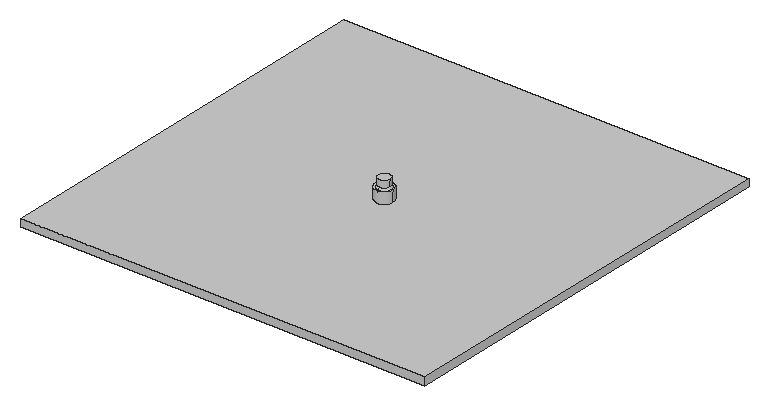
Revit family "SG0086523061CW", category Aparatos sanitarios, Revit 2019 (continued)
Automatic sketch dimensions
  Extrusion 1713 sketch curve to plane 7 = 100.0 mm
  plane 3 "Centro (Izquierda/Derecha)" to Extrusion 1714 sketch curve = 75.0 mm
  Extrusion 1714 sketch curve to plane 7 = 100.0 mm
  plane 3 "Centro (Izquierda/Derecha)" to Extrusion 1715 sketch curve = 75.0 mm
  Extrusion 1715 sketch curve to plane 7 = 100.0 mm
  plane 3 "Centro (Izquierda/Derecha)" to Extrusion 1716 sketch curve = 100.0 mm
  Extrusion 1716 sketch curve to plane 7 = 100.0 mm
  plane 3 "Centro (Izquierda/Derecha)" to Extrusion 1717 sketch curve = 100.0 mm
  Extrusion 1717 sketch curve to plane 7 = 100.0 mm
  plane 3 "Centro (Izquierda/Derecha)" to Extrusion 1718 sketch curve = 125.0 mm
  Extrusion 1718 sketch curve to plane 7 = 100.0 mm
  plane 3 "Centro (Izquierda/Derecha)" to Extrusion 1719 sketch curve = 125.0 mm
  Extrusion 1719 sketch curve to plane 7 = 100.0 mm
  plane 3 "Centro (Izquierda/Derecha)" to Extrusion 1720 sketch curve = 150.0 mm
  Extrusion 1720 sketch curve to plane 7 = 100.0 mm
  plane 3 "Centro (Izquierda/Derecha)" to Extrusion 1721 sketch curve = 150.0 mm
  Extrusion 1721 sketch curve to plane 7 = 100.0 mm
  plane 3 "Centro (Izquierda/Derecha)" to Extrusion 1722 sketch curve = 175.0 mm
  Extrusion 1722 sketch curve to plane 7 = 100.0 mm
  plane 3 "Centro (Izquierda/Derecha)" to Extrusion 1723 sketch curve = 175.0 mm
  Extrusion 1723 sketch curve to plane 7 = 100.0 mm
  plane 3 "Centro (Izquierda/Derecha)" to Extrusion 1724 sketch curve = 200.0 mm
  Extrusion 1724 sketch curve to plane 7 = 100.0 mm
  plane 3 "Centro (Izquierda/Derecha)" to Extrusion 1725 sketch curve = 200.0 mm
  Extrusion 1725 sketch curve to plane 7 = 100.0 mm
  plane 5 to Extrusion 1726 sketch curve = 175.0 mm
  Extrusion 1726 sketch curve to plane 7 = 100.0 mm
  plane 5 to Extrusion 1727 sketch curve = 175.0 mm
  Extrusion 1727 sketch curve to plane 7 = 100.0 mm
  plane 5 to Extrusion 1728 sketch curve = 150.0 mm
  Extrusion 1728 sketch curve to plane 7 = 100.0 mm
  plane 5 to Extrusion 1729 sketch curve = 150.0 mm
  Extrusion 1729 sketch curve to plane 7 = 100.0 mm
  plane 5 to Extrusion 1730 sketch curve = 125.0 mm
  Extrusion 1730 sketch curve to plane 7 = 100.0 mm
  plane 5 to Extrusion 1731 sketch curve = 125.0 mm
  Extrusion 1731 sketch curve to plane 7 = 100.0 mm
  plane 5 to Extrusion 1732 sketch curve = 100.0 mm
  Extrusion 1732 sketch curve to plane 7 = 100.0 mm
  plane 5 to Extrusion 1733 sketch curve = 100.0 mm
  Extrusion 1733 sketch curve to plane 7 = 100.0 mm
  plane 5 to Extrusion 1734 sketch curve = 75.0 mm
  Extrusion 1734 sketch curve to plane 7 = 100.0 mm
  plane 5 to Extrusion 1735 sketch curve = 75.0 mm
  Extrusion 1735 sketch curve to plane 7 = 100.0 mm
  plane 5 to Extrusion 1736 sketch curve = 50.0 mm
  Extrusion 1736 sketch curve to plane 7 = 100.0 mm
  plane 5 to Extrusion 1737 sketch curve = 50.0 mm
  Extrusion 1737 sketch curve to plane 7 = 100.0 mm
  plane 5 to Extrusion 1738 sketch curve = 25.0 mm
  Extrusion 1738 sketch curve to plane 7 = 100.0 mm
  plane 5 to Extrusion 1739 sketch curve = 25.0 mm
  Extrusion 1739 sketch curve to plane 7 = 100.0 mm
  Extrusion 1740 sketch curve to plane 4 = 25.0 mm
  Extrusion 1740 sketch curve to plane 7 = 75.0 mm
  Extrusion 1741 sketch curve to plane 4 = 25.0 mm
  Extrusion 1741 sketch curve to plane 7 = 75.0 mm
  Extrusion 1742 sketch curve to plane 4 = 50.0 mm
  Extrusion 1742 sketch curve to plane 7 = 75.0 mm
  Extrusion 1743 sketch curve to plane 4 = 50.0 mm
  Extrusion 1743 sketch curve to plane 7 = 75.0 mm
  Extrusion 1744 sketch curve to plane 4 = 75.0 mm
  Extrusion 1744 sketch curve to plane 7 = 75.0 mm
  Extrusion 1745 sketch curve to plane 4 = 75.0 mm
  Extrusion 1745 sketch curve to plane 7 = 75.0 mm
  Extrusion 1746 sketch curve to plane 4 = 100.0 mm
  Extrusion 1746 sketch curve to plane 7 = 75.0 mm
  Extrusion 1747 sketch curve to plane 4 = 100.0 mm
  Extrusion 1747 sketch curve to plane 7 = 75.0 mm
  Extrusion 1748 sketch curve to plane 4 = 125.0 mm
  Extrusion 1748 sketch curve to plane 7 = 75.0 mm
  Extrusion 1749 sketch curve to plane 4 = 125.0 mm
  Extrusion 1749 sketch curve to plane 7 = 75.0 mm
  Extrusion 1750 sketch curve to plane 4 = 150.0 mm
  Extrusion 1750 sketch curve to plane 7 = 75.0 mm
  Extrusion 1751 sketch curve to plane 4 = 150.0 mm
  Extrusion 1751 sketch curve to plane 7 = 75.0 mm
  Extrusion 1752 sketch curve to plane 7 = 75.0 mm
  Extrusion 1752 sketch curve to plane 4 = 175.0 mm
  Extrusion 1753 sketch curve to plane 7 = 75.0 mm
  Extrusion 1753 sketch curve to plane 4 = 175.0 mm
  Extrusion 1754 sketch curve to plane 7 = 75.0 mm
  Extrusion 1754 sketch curve to plane 3 "Centro (Izquierda/Derecha)" = 200.0 mm
  Extrusion 1755 sketch curve to plane 7 = 75.0 mm
  Extrusion 1755 sketch curve to plane 3 "Centro (Izquierda/Derecha)" = 200.0 mm
  Extrusion 1756 sketch curve to plane 7 = 75.0 mm
  Extrusion 1756 sketch curve to plane 3 "Centro (Izquierda/Derecha)" = 175.0 mm
  Extrusion 1757 sketch curve to plane 7 = 75.0 mm
  Extrusion 1757 sketch curve to plane 3 "Centro (Izquierda/Derecha)" = 175.0 mm
  Extrusion 1758 sketch curve to plane 3 "Centro (Izquierda/Derecha)" = 150.0 mm
  Extrusion 1758 sketch curve to plane 7 = 75.0 mm
  Extrusion 1759 sketch curve to plane 3 "Centro (Izquierda/Derecha)" = 150.0 mm
  Extrusion 1759 sketch curve to plane 7 = 75.0 mm
  Extrusion 1760 sketch curve to plane 3 "Centro (Izquierda/Derecha)" = 125.0 mm
  Extrusion 1760 sketch curve to plane 7 = 75.0 mm
  Extrusion 1761 sketch curve to plane 3 "Centro (Izquierda/Derecha)" = 125.0 mm
  Extrusion 1761 sketch curve to plane 7 = 75.0 mm
  Extrusion 1762 sketch curve to plane 3 "Centro (Izquierda/Derecha)" = 100.0 mm
  Extrusion 1762 sketch curve to plane 7 = 75.0 mm
  Extrusion 1763 sketch curve to plane 3 "Centro (Izquierda/Derecha)" = 100.0 mm
  Extrusion 1763 sketch curve to plane 7 = 75.0 mm
  Extrusion 1764 sketch curve to plane 3 "Centro (Izquierda/Derecha)" = 75.0 mm
  Extrusion 1764 sketch curve to plane 7 = 75.0 mm
  Extrusion 1765 sketch curve to plane 3 "Centro (Izquierda/Derecha)" = 75.0 mm
  Extrusion 1765 sketch curve to plane 7 = 75.0 mm
  Extrusion 1766 sketch curve to plane 3 "Centro (Izquierda/Derecha)" = 50.0 mm
  Extrusion 1766 sketch curve to plane 7 = 75.0 mm
  Extrusion 1767 sketch curve to plane 3 "Centro (Izquierda/Derecha)" = 50.0 mm
  Extrusion 1767 sketch curve to plane 7 = 75.0 mm
  Extrusion 1768 sketch curve to plane 3 "Centro (Izquierda/Derecha)" = 25.0 mm
  Extrusion 1768 sketch curve to plane 7 = 75.0 mm
  Extrusion 1769 sketch curve to plane 3 "Centro (Izquierda/Derecha)" = 25.0 mm
  Extrusion 1769 sketch curve to plane 7 = 75.0 mm
  Extrusion 1770 sketch curve to plane 3 "Centro (Izquierda/Derecha)" = 0.0 mm
  Extrusion 1770 sketch curve to plane 7 = 75.0 mm
  Extrusion 1771 sketch curve to plane 3 "Centro (Izquierda/Derecha)" = 0.0 mm
  Extrusion 1771 sketch curve to plane 7 = 75.0 mm
  plane 3 "Centro (Izquierda/Derecha)" to Extrusion 1772 sketch curve = 25.0 mm
  Extrusion 1772 sketch curve to plane 7 = 75.0 mm
  plane 3 "Centro (Izquierda/Derecha)" to Extrusion 1773 sketch curve = 25.0 mm
  Extrusion 1773 sketch curve to plane 7 = 75.0 mm
  plane 3 "Centro (Izquierda/Derecha)" to Extrusion 1774 sketch curve = 50.0 mm
  Extrusion 1774 sketch curve to plane 7 = 75.0 mm
  plane 3 "Centro (Izquierda/Derecha)" to Extrusion 1775 sketch curve = 50.0 mm
  Extrusion 1775 sketch curve to plane 7 = 75.0 mm
  plane 3 "Centro (Izquierda/Derecha)" to Extrusion 1776 sketch curve = 75.0 mm
  Extrusion 1776 sketch curve to plane 7 = 75.0 mm
  plane 3 "Centro (Izquierda/Derecha)" to Extrusion 1777 sketch curve = 75.0 mm
  Extrusion 1777 sketch curve to plane 7 = 75.0 mm
  plane 3 "Centro (Izquierda/Derecha)" to Extrusion 1778 sketch curve = 100.0 mm
  Extrusion 1778 sketch curve to plane 7 = 75.0 mm
  plane 3 "Centro (Izquierda/Derecha)" to Extrusion 1779 sketch curve = 100.0 mm
  Extrusion 1779 sketch curve to plane 7 = 75.0 mm
  plane 3 "Centro (Izquierda/Derecha)" to Extrusion 1780 sketch curve = 125.0 mm
  Extrusion 1780 sketch curve to plane 7 = 75.0 mm
  plane 3 "Centro (Izquierda/Derecha)" to Extrusion 1781 sketch curve = 125.0 mm
  Extrusion 1781 sketch curve to plane 7 = 75.0 mm
  plane 3 "Centro (Izquierda/Derecha)" to Extrusion 1782 sketch curve = 150.0 mm
  Extrusion 1782 sketch curve to plane 7 = 75.0 mm
  plane 3 "Centro (Izquierda/Derecha)" to Extrusion 1783 sketch curve = 150.0 mm
  Extrusion 1783 sketch curve to plane 7 = 75.0 mm
  Extrusion 1784 sketch curve to plane 7 = 75.0 mm
  plane 3 "Centro (Izquierda/Derecha)" to Extrusion 1784 sketch curve = 175.0 mm
  Extrusion 1785 sketch curve to plane 7 = 75.0 mm
  plane 3 "Centro (Izquierda/Derecha)" to Extrusion 1785 sketch curve = 175.0 mm
  Extrusion 1786 sketch curve to plane 7 = 75.0 mm
  plane 3 "Centro (Izquierda/Derecha)" to Extrusion 1786 sketch curve = 200.0 mm
  Extrusion 1787 sketch curve to plane 7 = 75.0 mm
  plane 3 "Centro (Izquierda/Derecha)" to Extrusion 1787 sketch curve = 200.0 mm
  Extrusion 1788 sketch curve to plane 7 = 75.0 mm
  plane 5 to Extrusion 1788 sketch curve = 175.0 mm
  Extrusion 1789 sketch curve to plane 7 = 75.0 mm
  plane 5 to Extrusion 1789 sketch curve = 175.0 mm
  plane 5 to Extrusion 1790 sketch curve = 150.0 mm
  Extrusion 1790 sketch curve to plane 7 = 75.0 mm
  plane 5 to Extrusion 1791 sketch curve = 150.0 mm
  Extrusion 1791 sketch curve to plane 7 = 75.0 mm
  plane 5 to Extrusion 1792 sketch curve = 125.0 mm
  Extrusion 1792 sketch curve to plane 7 = 75.0 mm
  plane 5 to Extrusion 1793 sketch curve = 125.0 mm
  Extrusion 1793 sketch curve to plane 7 = 75.0 mm
  plane 5 to Extrusion 1794 sketch curve = 100.0 mm
  Extrusion 1794 sketch curve to plane 7 = 75.0 mm
  plane 5 to Extrusion 1795 sketch curve = 100.0 mm
  Extrusion 1795 sketch curve to plane 7 = 75.0 mm
  plane 5 to Extrusion 1796 sketch curve = 75.0 mm
  Extrusion 1796 sketch curve to plane 7 = 75.0 mm
  plane 5 to Extrusion 1797 sketch curve = 75.0 mm
  Extrusion 1797 sketch curve to plane 7 = 75.0 mm
  plane 5 to Extrusion 1798 sketch curve = 50.0 mm
  Extrusion 1798 sketch curve to plane 7 = 75.0 mm
  plane 5 to Extrusion 1799 sketch curve = 50.0 mm
  Extrusion 1799 sketch curve to plane 7 = 75.0 mm
  plane 5 to Extrusion 1800 sketch curve = 25.0 mm
  Extrusion 1800 sketch curve to plane 7 = 75.0 mm
  plane 5 to Extrusion 1801 sketch curve = 25.0 mm
  Extrusion 1801 sketch curve to plane 7 = 75.0 mm
  Extrusion 1802 sketch curve to plane 4 = 25.0 mm
  Extrusion 1802 sketch curve to plane 7 = 50.0 mm
  Extrusion 1803 sketch curve to plane 4 = 25.0 mm
  Extrusion 1803 sketch curve to plane 7 = 50.0 mm
  Extrusion 1804 sketch curve to plane 4 = 50.0 mm
  Extrusion 1804 sketch curve to plane 7 = 50.0 mm
  Extrusion 1805 sketch curve to plane 4 = 50.0 mm
  Extrusion 1805 sketch curve to plane 7 = 50.0 mm
  Extrusion 1806 sketch curve to plane 4 = 75.0 mm
  Extrusion 1806 sketch curve to plane 7 = 50.0 mm
  Extrusion 1807 sketch curve to plane 4 = 75.0 mm
  Extrusion 1807 sketch curve to plane 7 = 50.0 mm
  Extrusion 1808 sketch curve to plane 4 = 100.0 mm
  Extrusion 1808 sketch curve to plane 7 = 50.0 mm
  Extrusion 1809 sketch curve to plane 4 = 100.0 mm
  Extrusion 1809 sketch curve to plane 7 = 50.0 mm
  Extrusion 1810 sketch curve to plane 7 = 50.0 mm
  Extrusion 1810 sketch curve to plane 4 = 125.0 mm
  Extrusion 1811 sketch curve to plane 7 = 50.0 mm
  Extrusion 1811 sketch curve to plane 4 = 125.0 mm
  Extrusion 1812 sketch curve to plane 7 = 50.0 mm
  Extrusion 1812 sketch curve to plane 4 = 150.0 mm
  Extrusion 1813 sketch curve to plane 7 = 50.0 mm
  Extrusion 1813 sketch curve to plane 4 = 150.0 mm
  Extrusion 1814 sketch curve to plane 7 = 50.0 mm
  Extrusion 1814 sketch curve to plane 4 = 175.0 mm
  Extrusion 1815 sketch curve to plane 7 = 50.0 mm
  Extrusion 1815 sketch curve to plane 4 = 175.0 mm
  Extrusion 1816 sketch curve to plane 7 = 50.0 mm
  Extrusion 1816 sketch curve to plane 3 "Centro (Izquierda/Derecha)" = 200.0 mm
  Extrusion 1817 sketch curve to plane 7 = 50.0 mm
  Extrusion 1817 sketch curve to plane 3 "Centro (Izquierda/Derecha)" = 200.0 mm
  Extrusion 1818 sketch curve to plane 7 = 50.0 mm
  Extrusion 1818 sketch curve to plane 3 "Centro (Izquierda/Derecha)" = 175.0 mm
  Extrusion 1819 sketch curve to plane 7 = 50.0 mm
  Extrusion 1819 sketch curve to plane 3 "Centro (Izquierda/Derecha)" = 175.0 mm
  Extrusion 1820 sketch curve to plane 7 = 50.0 mm
  Extrusion 1820 sketch curve to plane 3 "Centro (Izquierda/Derecha)" = 150.0 mm
  Extrusion 1821 sketch curve to plane 7 = 50.0 mm
  Extrusion 1821 sketch curve to plane 3 "Centro (Izquierda/Derecha)" = 150.0 mm
  Extrusion 1822 sketch curve to plane 7 = 50.0 mm
  Extrusion 1822 sketch curve to plane 3 "Centro (Izquierda/Derecha)" = 125.0 mm
  Extrusion 1823 sketch curve to plane 7 = 50.0 mm
  Extrusion 1823 sketch curve to plane 3 "Centro (Izquierda/Derecha)" = 125.0 mm
  Extrusion 1824 sketch curve to plane 3 "Centro (Izquierda/Derecha)" = 100.0 mm
  Extrusion 1824 sketch curve to plane 7 = 50.0 mm
  Extrusion 1825 sketch curve to plane 3 "Centro (Izquierda/Derecha)" = 100.0 mm
  Extrusion 1825 sketch curve to plane 7 = 50.0 mm
  Extrusion 1826 sketch curve to plane 3 "Centro (Izquierda/Derecha)" = 75.0 mm
  Extrusion 1826 sketch curve to plane 7 = 50.0 mm
  Extrusion 1827 sketch curve to plane 3 "Centro (Izquierda/Derecha)" = 75.0 mm
  Extrusion 1827 sketch curve to plane 7 = 50.0 mm
  Extrusion 1828 sketch curve to plane 3 "Centro (Izquierda/Derecha)" = 50.0 mm
  Extrusion 1828 sketch curve to plane 7 = 50.0 mm
  Extrusion 1829 sketch curve to plane 3 "Centro (Izquierda/Derecha)" = 50.0 mm
  Extrusion 1829 sketch curve to plane 7 = 50.0 mm
  Extrusion 1830 sketch curve to plane 3 "Centro (Izquierda/Derecha)" = 25.0 mm
  Extrusion 1830 sketch curve to plane 7 = 50.0 mm
  Extrusion 1831 sketch curve to plane 3 "Centro (Izquierda/Derecha)" = 25.0 mm
  Extrusion 1831 sketch curve to plane 7 = 50.0 mm
  Extrusion 1832 sketch curve to plane 3 "Centro (Izquierda/Derecha)" = 0.0 mm
  Extrusion 1832 sketch curve to plane 7 = 50.0 mm
  Extrusion 1833 sketch curve to plane 3 "Centro (Izquierda/Derecha)" = 0.0 mm
  Extrusion 1833 sketch curve to plane 7 = 50.0 mm
  plane 3 "Centro (Izquierda/Derecha)" to Extrusion 1834 sketch curve = 25.0 mm
  Extrusion 1834 sketch curve to plane 7 = 50.0 mm
  plane 3 "Centro (Izquierda/Derecha)" to Extrusion 1835 sketch curve = 25.0 mm
  Extrusion 1835 sketch curve to plane 7 = 50.0 mm
  plane 3 "Centro (Izquierda/Derecha)" to Extrusion 1836 sketch curve = 50.0 mm
  Extrusion 1836 sketch curve to plane 7 = 50.0 mm
  plane 3 "Centro (Izquierda/Derecha)" to Extrusion 1837 sketch curve = 50.0 mm
  Extrusion 1837 sketch curve to plane 7 = 50.0 mm
  plane 3 "Centro (Izquierda/Derecha)" to Extrusion 1838 sketch curve = 75.0 mm
  Extrusion 1838 sketch curve to plane 7 = 50.0 mm
  plane 3 "Centro (Izquierda/Derecha)" to Extrusion 1839 sketch curve = 75.0 mm
  Extrusion 1839 sketch curve to plane 7 = 50.0 mm
  plane 3 "Centro (Izquierda/Derecha)" to Extrusion 1840 sketch curve = 100.0 mm
  Extrusion 1840 sketch curve to plane 7 = 50.0 mm
  plane 3 "Centro (Izquierda/Derecha)" to Extrusion 1841 sketch curve = 100.0 mm
  Extrusion 1841 sketch curve to plane 7 = 50.0 mm
  Extrusion 1842 sketch curve to plane 7 = 50.0 mm
  plane 3 "Centro (Izquierda/Derecha)" to Extrusion 1842 sketch curve = 125.0 mm
  Extrusion 1843 sketch curve to plane 7 = 50.0 mm
  plane 3 "Centro (Izquierda/Derecha)" to Extrusion 1843 sketch curve = 125.0 mm
  Extrusion 1844 sketch curve to plane 7 = 50.0 mm
  plane 3 "Centro (Izquierda/Derecha)" to Extrusion 1844 sketch curve = 150.0 mm
  Extrusion 1845 sketch curve to plane 7 = 50.0 mm
  plane 3 "Centro (Izquierda/Derecha)" to Extrusion 1845 sketch curve = 150.0 mm
  Extrusion 1846 sketch curve to plane 7 = 50.0 mm
  plane 3 "Centro (Izquierda/Derecha)" to Extrusion 1846 sketch curve = 175.0 mm
  Extrusion 1847 sketch curve to plane 7 = 50.0 mm
  plane 3 "Centro (Izquierda/Derecha)" to Extrusion 1847 sketch curve = 175.0 mm
  Extrusion 1848 sketch curve to plane 7 = 50.0 mm
  plane 3 "Centro (Izquierda/Derecha)" to Extrusion 1848 sketch curve = 200.0 mm
  Extrusion 1849 sketch curve to plane 7 = 50.0 mm
  plane 3 "Centro (Izquierda/Derecha)" to Extrusion 1849 sketch curve = 200.0 mm
  Extrusion 1850 sketch curve to plane 7 = 50.0 mm
  plane 5 to Extrusion 1850 sketch curve = 175.0 mm
  Extrusion 1851 sketch curve to plane 7 = 50.0 mm
  plane 5 to Extrusion 1851 sketch curve = 175.0 mm
  Extrusion 1852 sketch curve to plane 7 = 50.0 mm
  plane 5 to Extrusion 1852 sketch curve = 150.0 mm
  Extrusion 1853 sketch curve to plane 7 = 50.0 mm
  plane 5 to Extrusion 1853 sketch curve = 150.0 mm
  Extrusion 1854 sketch curve to plane 7 = 50.0 mm
  plane 5 to Extrusion 1854 sketch curve = 125.0 mm
  Extrusion 1855 sketch curve to plane 7 = 50.0 mm
  plane 5 to Extrusion 1855 sketch curve = 125.0 mm
  plane 5 to Extrusion 1856 sketch curve = 100.0 mm
  Extrusion 1856 sketch curve to plane 7 = 50.0 mm
  plane 5 to Extrusion 1857 sketch curve = 100.0 mm
  Extrusion 1857 sketch curve to plane 7 = 50.0 mm
  plane 5 to Extrusion 1858 sketch curve = 75.0 mm
  Extrusion 1858 sketch curve to plane 7 = 50.0 mm
  plane 5 to Extrusion 1859 sketch curve = 75.0 mm
  Extrusion 1859 sketch curve to plane 7 = 50.0 mm
  plane 5 to Extrusion 1860 sketch curve = 50.0 mm
  Extrusion 1860 sketch curve to plane 7 = 50.0 mm
  plane 5 to Extrusion 1861 sketch curve = 50.0 mm
  Extrusion 1861 sketch curve to plane 7 = 50.0 mm
  plane 5 to Extrusion 1862 sketch curve = 25.0 mm
  Extrusion 1862 sketch curve to plane 7 = 50.0 mm
  plane 5 to Extrusion 1863 sketch curve = 25.0 mm
  Extrusion 1863 sketch curve to plane 7 = 50.0 mm
  plane 1 "Centro (Frontal/Posterior)" to Extrusion 1864 sketch curve = 0.0 mm
  Extrusion 1864 sketch curve to plane 3 "Centro (Izquierda/Derecha)" = 0.0 mm
  plane 1 "Centro (Frontal/Posterior)" to Extrusion 1865 sketch curve = 0.0 mm
  Extrusion 1865 sketch curve to plane 3 "Centro (Izquierda/Derecha)" = 0.0 mm
  plane 1 "Centro (Frontal/Posterior)" to Extrusion 1866 sketch curve = 0.0 mm
  Extrusion 1866 sketch curve to plane 3 "Centro (Izquierda/Derecha)" = 0.0 mm
  plane 8 to Revolve 1867 sketch curve = 0.0 mm  (x2)
  Revolve 1867 sketch curve to plane 1 "Centro (Frontal/Posterior)" = 0.0 mm  (x2)
  plane 11 to Revolve 1867 sketch curve = 1.417 mm
  plane 1 "Centro (Frontal/Posterior)" to Revolve 1867 sketch curve = 7.7 mm
  Revolve 1867 sketch curve to Revolve 1867 sketch curve = 5.3 mm
  Revolve 1867 sketch curve to Revolve 1867 sketch curve = 0.0 mm
  Extrusion 1868 sketch curve to plane 4 = 25.0 mm
  Extrusion 1868 sketch curve to plane 7 = 25.0 mm
  Extrusion 1869 sketch curve to plane 4 = 25.0 mm
  Extrusion 1869 sketch curve to plane 7 = 25.0 mm
  Extrusion 1870 sketch curve to plane 4 = 50.0 mm
  Extrusion 1870 sketch curve to plane 7 = 25.0 mm
  Extrusion 1871 sketch curve to plane 4 = 50.0 mm
  Extrusion 1871 sketch curve to plane 7 = 25.0 mm
  Extrusion 1872 sketch curve to plane 7 = 25.0 mm
  Extrusion 1872 sketch curve to plane 4 = 75.0 mm
  Extrusion 1873 sketch curve to plane 7 = 25.0 mm
  Extrusion 1873 sketch curve to plane 4 = 75.0 mm
  Extrusion 1874 sketch curve to plane 7 = 25.0 mm
  Extrusion 1874 sketch curve to plane 4 = 100.0 mm
  Extrusion 1875 sketch curve to plane 7 = 25.0 mm
  Extrusion 1875 sketch curve to plane 4 = 100.0 mm
  Extrusion 1876 sketch curve to plane 7 = 25.0 mm
  Extrusion 1876 sketch curve to plane 4 = 125.0 mm
  Extrusion 1877 sketch curve to plane 7 = 25.0 mm
  Extrusion 1877 sketch curve to plane 4 = 125.0 mm
  Extrusion 1878 sketch curve to plane 7 = 25.0 mm
  Extrusion 1878 sketch curve to plane 4 = 150.0 mm
  Extrusion 1879 sketch curve to plane 7 = 25.0 mm
  Extrusion 1879 sketch curve to plane 4 = 150.0 mm
  Extrusion 1880 sketch curve to plane 7 = 25.0 mm
  Extrusion 1880 sketch curve to plane 4 = 175.0 mm
  Extrusion 1881 sketch curve to plane 7 = 25.0 mm
  Extrusion 1881 sketch curve to plane 4 = 175.0 mm
  Extrusion 1882 sketch curve to plane 7 = 25.0 mm
  Extrusion 1882 sketch curve to plane 3 "Centro (Izquierda/Derecha)" = 200.0 mm
  Extrusion 1883 sketch curve to plane 7 = 25.0 mm
  Extrusion 1883 sketch curve to plane 3 "Centro (Izquierda/Derecha)" = 200.0 mm
  Extrusion 1884 sketch curve to plane 7 = 25.0 mm
  Extrusion 1884 sketch curve to plane 3 "Centro (Izquierda/Derecha)" = 175.0 mm
  Extrusion 1885 sketch curve to plane 7 = 25.0 mm
  Extrusion 1885 sketch curve to plane 3 "Centro (Izquierda/Derecha)" = 175.0 mm
  Extrusion 1886 sketch curve to plane 7 = 25.0 mm
  Extrusion 1886 sketch curve to plane 3 "Centro (Izquierda/Derecha)" = 150.0 mm
  Extrusion 1887 sketch curve to plane 7 = 25.0 mm
  Extrusion 1887 sketch curve to plane 3 "Centro (Izquierda/Derecha)" = 150.0 mm
  Extrusion 1888 sketch curve to plane 7 = 25.0 mm
  Extrusion 1888 sketch curve to plane 3 "Centro (Izquierda/Derecha)" = 125.0 mm
  Extrusion 1889 sketch curve to plane 7 = 25.0 mm
  Extrusion 1889 sketch curve to plane 3 "Centro (Izquierda/Derecha)" = 125.0 mm
  Extrusion 1890 sketch curve to plane 7 = 25.0 mm
  Extrusion 1890 sketch curve to plane 3 "Centro (Izquierda/Derecha)" = 100.0 mm
  Extrusion 1891 sketch curve to plane 7 = 25.0 mm
  Extrusion 1891 sketch curve to plane 3 "Centro (Izquierda/Derecha)" = 100.0 mm
  Extrusion 1892 sketch curve to plane 7 = 25.0 mm
  Extrusion 1892 sketch curve to plane 3 "Centro (Izquierda/Derecha)" = 75.0 mm
  Extrusion 1893 sketch curve to plane 7 = 25.0 mm
  Extrusion 1893 sketch curve to plane 3 "Centro (Izquierda/Derecha)" = 75.0 mm
  Extrusion 1894 sketch curve to plane 3 "Centro (Izquierda/Derecha)" = 50.0 mm
  Extrusion 1894 sketch curve to plane 7 = 25.0 mm
  Extrusion 1895 sketch curve to plane 3 "Centro (Izquierda/Derecha)" = 50.0 mm
  Extrusion 1895 sketch curve to plane 7 = 25.0 mm
  Extrusion 1896 sketch curve to plane 3 "Centro (Izquierda/Derecha)" = 25.0 mm
  Extrusion 1896 sketch curve to plane 7 = 25.0 mm
  Extrusion 1897 sketch curve to plane 3 "Centro (Izquierda/Derecha)" = 25.0 mm
  Extrusion 1897 sketch curve to plane 7 = 25.0 mm
  Extrusion 1898 sketch curve to plane 3 "Centro (Izquierda/Derecha)" = 0.0 mm
  Extrusion 1898 sketch curve to plane 7 = 25.0 mm
  Extrusion 1899 sketch curve to plane 3 "Centro (Izquierda/Derecha)" = 0.0 mm
  Extrusion 1899 sketch curve to plane 7 = 25.0 mm
  plane 3 "Centro (Izquierda/Derecha)" to Extrusion 1900 sketch curve = 25.0 mm
  Extrusion 1900 sketch curve to plane 7 = 25.0 mm
  plane 3 "Centro (Izquierda/Derecha)" to Extrusion 1901 sketch curve = 25.0 mm
  Extrusion 1901 sketch curve to plane 7 = 25.0 mm
  plane 3 "Centro (Izquierda/Derecha)" to Extrusion 1902 sketch curve = 50.0 mm
  Extrusion 1902 sketch curve to plane 7 = 25.0 mm
  plane 3 "Centro (Izquierda/Derecha)" to Extrusion 1903 sketch curve = 50.0 mm
  Extrusion 1903 sketch curve to plane 7 = 25.0 mm
  Extrusion 1904 sketch curve to plane 7 = 25.0 mm
  plane 3 "Centro (Izquierda/Derecha)" to Extrusion 1904 sketch curve = 75.0 mm
  Extrusion 1905 sketch curve to plane 7 = 25.0 mm
  plane 3 "Centro (Izquierda/Derecha)" to Extrusion 1905 sketch curve = 75.0 mm
  Extrusion 1906 sketch curve to plane 7 = 25.0 mm
  plane 3 "Centro (Izquierda/Derecha)" to Extrusion 1906 sketch curve = 100.0 mm
  Extrusion 1907 sketch curve to plane 7 = 25.0 mm
  plane 3 "Centro (Izquierda/Derecha)" to Extrusion 1907 sketch curve = 100.0 mm
  Extrusion 1908 sketch curve to plane 7 = 25.0 mm
  plane 3 "Centro (Izquierda/Derecha)" to Extrusion 1908 sketch curve = 125.0 mm
  Extrusion 1909 sketch curve to plane 7 = 25.0 mm
  plane 3 "Centro (Izquierda/Derecha)" to Extrusion 1909 sketch curve = 125.0 mm
  Extrusion 1910 sketch curve to plane 7 = 25.0 mm
  plane 3 "Centro (Izquierda/Derecha)" to Extrusion 1910 sketch curve = 150.0 mm
  Extrusion 1911 sketch curve to plane 7 = 25.0 mm
  plane 3 "Centro (Izquierda/Derecha)" to Extrusion 1911 sketch curve = 150.0 mm
  Extrusion 1912 sketch curve to plane 7 = 25.0 mm
  plane 3 "Centro (Izquierda/Derecha)" to Extrusion 1912 sketch curve = 175.0 mm
  Extrusion 1913 sketch curve to plane 7 = 25.0 mm
  plane 3 "Centro (Izquierda/Derecha)" to Extrusion 1913 sketch curve = 175.0 mm
  Extrusion 1914 sketch curve to plane 7 = 25.0 mm
  plane 3 "Centro (Izquierda/Derecha)" to Extrusion 1914 sketch curve = 200.0 mm
  Extrusion 1915 sketch curve to plane 7 = 25.0 mm
  plane 3 "Centro (Izquierda/Derecha)" to Extrusion 1915 sketch curve = 200.0 mm
  Extrusion 1916 sketch curve to plane 7 = 25.0 mm
  plane 5 to Extrusion 1916 sketch curve = 175.0 mm
  Extrusion 1917 sketch curve to plane 7 = 25.0 mm
  plane 5 to Extrusion 1917 sketch curve = 175.0 mm
  Extrusion 1918 sketch curve to plane 7 = 25.0 mm
  plane 5 to Extrusion 1918 sketch curve = 150.0 mm
  Extrusion 1919 sketch curve to plane 7 = 25.0 mm
  plane 5 to Extrusion 1919 sketch curve = 150.0 mm
  Extrusion 1920 sketch curve to plane 7 = 25.0 mm
  plane 5 to Extrusion 1920 sketch curve = 125.0 mm
  Extrusion 1921 sketch curve to plane 7 = 25.0 mm
  plane 5 to Extrusion 1921 sketch curve = 125.0 mm
  Extrusion 1922 sketch curve to plane 7 = 25.0 mm
  plane 5 to Extrusion 1922 sketch curve = 100.0 mm
  Extrusion 1923 sketch curve to plane 7 = 25.0 mm
  plane 5 to Extrusion 1923 sketch curve = 100.0 mm
  Extrusion 1924 sketch curve to plane 7 = 25.0 mm
  plane 5 to Extrusion 1924 sketch curve = 75.0 mm
  Extrusion 1925 sketch curve to plane 7 = 25.0 mm
  plane 5 to Extrusion 1925 sketch curve = 75.0 mm
  plane 5 to Extrusion 1926 sketch curve = 50.0 mm
  Extrusion 1926 sketch curve to plane 7 = 25.0 mm
  plane 5 to Extrusion 1927 sketch curve = 50.0 mm
  Extrusion 1927 sketch curve to plane 7 = 25.0 mm
  plane 5 to Extrusion 1928 sketch curve = 25.0 mm
  Extrusion 1928 sketch curve to plane 7 = 25.0 mm
  plane 5 to Extrusion 1929 sketch curve = 25.0 mm
  Extrusion 1929 sketch curve to plane 7 = 25.0 mm
  radius of Extrusion 64 sketch curve = 1.0 mm
  radius of Extrusion 65 sketch curve = 0.896 mm
  radius of Extrusion 2 sketch curve = 1.0 mm
  radius of Extrusion 3 sketch curve = 0.896 mm
  radius of Extrusion 4 sketch curve = 1.0 mm
  radius of Extrusion 5 sketch curve = 0.896 mm
  radius of Extrusion 6 sketch curve = 1.0 mm
  radius of Extrusion 7 sketch curve = 0.896 mm
  radius of Extrusion 8 sketch curve = 1.0 mm
  radius of Extrusion 9 sketch curve = 0.896 mm
  radius of Extrusion 10 sketch curve = 1.0 mm
  radius of Extrusion 11 sketch curve = 0.896 mm
  radius of Extrusion 12 sketch curve = 1.0 mm
  radius of Extrusion 13 sketch curve = 0.896 mm
  radius of Extrusion 14 sketch curve = 1.0 mm
  radius of Extrusion 15 sketch curve = 0.896 mm
  radius of Extrusion 16 sketch curve = 1.0 mm
  radius of Extrusion 17 sketch curve = 0.896 mm
  radius of Extrusion 18 sketch curve = 1.0 mm
  radius of Extrusion 19 sketch curve = 0.896 mm
  radius of Extrusion 20 sketch curve = 1.0 mm
  radius of Extrusion 21 sketch curve = 0.896 mm
  radius of Extrusion 22 sketch curve = 1.0 mm
  radius of Extrusion 23 sketch curve = 0.896 mm
  radius of Extrusion 24 sketch curve = 1.0 mm
  radius of Extrusion 25 sketch curve = 0.896 mm
  radius of Extrusion 26 sketch curve = 1.0 mm
  radius of Extrusion 27 sketch curve = 0.896 mm
  radius of Extrusion 28 sketch curve = 1.0 mm
  radius of Extrusion 29 sketch curve = 0.896 mm
  radius of Extrusion 30 sketch curve = 1.0 mm
  radius of Extrusion 31 sketch curve = 0.896 mm
  radius of Extrusion 32 sketch curve = 1.0 mm
  radius of Extrusion 33 sketch curve = 0.896 mm
  radius of Extrusion 34 sketch curve = 1.0 mm
  radius of Extrusion 35 sketch curve = 0.896 mm
  radius of Extrusion 36 sketch curve = 1.0 mm
  radius of Extrusion 37 sketch curve = 0.896 mm
  radius of Extrusion 38 sketch curve = 1.0 mm
  radius of Extrusion 39 sketch curve = 0.896 mm
  radius of Extrusion 40 sketch curve = 1.0 mm
  radius of Extrusion 41 sketch curve = 0.896 mm
  radius of Extrusion 42 sketch curve = 1.0 mm
  radius of Extrusion 43 sketch curve = 0.896 mm
  radius of Extrusion 44 sketch curve = 1.0 mm
  radius of Extrusion 45 sketch curve = 0.896 mm
  radius of Extrusion 46 sketch curve = 1.0 mm
  radius of Extrusion 47 sketch curve = 0.896 mm
  radius of Extrusion 48 sketch curve = 1.0 mm
  radius of Extrusion 49 sketch curve = 0.896 mm
  radius of Extrusion 50 sketch curve = 1.0 mm
  radius of Extrusion 51 sketch curve = 0.896 mm
  radius of Extrusion 52 sketch curve = 1.0 mm
  radius of Extrusion 53 sketch curve = 0.896 mm
  radius of Extrusion 54 sketch curve = 1.0 mm
  radius of Extrusion 55 sketch curve = 0.896 mm
  radius of Extrusion 56 sketch curve = 1.0 mm
  radius of Extrusion 57 sketch curve = 0.896 mm
  radius of Extrusion 58 sketch curve = 1.0 mm
  radius of Extrusion 59 sketch curve = 0.896 mm
  radius of Extrusion 60 sketch curve = 1.0 mm
  radius of Extrusion 61 sketch curve = 0.896 mm
  radius of Extrusion 62 sketch curve = 1.0 mm
  radius of Extrusion 63 sketch curve = 0.896 mm
  radius of Extrusion 66 sketch curve = 1.0 mm
  radius of Extrusion 67 sketch curve = 0.896 mm
  radius of Extrusion 68 sketch curve = 1.0 mm
  radius of Extrusion 69 sketch curve = 0.896 mm
  radius of Extrusion 70 sketch curve = 1.0 mm
  radius of Extrusion 71 sketch curve = 0.896 mm
  radius of Extrusion 72 sketch curve = 1.0 mm
  radius of Extrusion 73 sketch curve = 0.896 mm
  radius of Extrusion 74 sketch curve = 1.0 mm
  radius of Extrusion 75 sketch curve = 0.896 mm
  radius of Extrusion 76 sketch curve = 1.0 mm
  radius of Extrusion 77 sketch curve = 0.896 mm
  radius of Extrusion 78 sketch curve = 1.0 mm
  radius of Extrusion 79 sketch curve = 0.896 mm
  radius of Extrusion 80 sketch curve = 1.0 mm
  radius of Extrusion 81 sketch curve = 0.896 mm
  radius of Extrusion 82 sketch curve = 1.0 mm
  radius of Extrusion 83 sketch curve = 0.896 mm
  radius of Extrusion 84 sketch curve = 1.0 mm
  radius of Extrusion 85 sketch curve = 0.896 mm
  radius of Extrusion 86 sketch curve = 1.0 mm
  radius of Extrusion 87 sketch curve = 0.896 mm
  radius of Extrusion 88 sketch curve = 1.0 mm
  radius of Extrusion 89 sketch curve = 0.896 mm
  radius of Extrusion 90 sketch curve = 1.0 mm
  radius of Extrusion 91 sketch curve = 0.896 mm
  radius of Extrusion 92 sketch curve = 1.0 mm
  radius of Extrusion 93 sketch curve = 0.896 mm
  radius of Extrusion 94 sketch curve = 1.0 mm
  radius of Extrusion 95 sketch curve = 0.896 mm
  radius of Extrusion 96 sketch curve = 1.0 mm
  radius of Extrusion 97 sketch curve = 0.896 mm
  radius of Extrusion 98 sketch curve = 1.0 mm
  radius of Extrusion 99 sketch curve = 0.896 mm
  radius of Extrusion 100 sketch curve = 1.0 mm
  radius of Extrusion 101 sketch curve = 0.896 mm
  radius of Extrusion 102 sketch curve = 1.0 mm
  radius of Extrusion 103 sketch curve = 0.896 mm
  radius of Extrusion 104 sketch curve = 1.0 mm
  radius of Extrusion 105 sketch curve = 0.896 mm
  radius of Extrusion 106 sketch curve = 1.0 mm
  radius of Extrusion 107 sketch curve = 0.896 mm
  radius of Extrusion 108 sketch curve = 1.0 mm
  radius of Extrusion 109 sketch curve = 0.896 mm
  radius of Extrusion 110 sketch curve = 1.0 mm
  radius of Extrusion 111 sketch curve = 0.896 mm
  radius of Extrusion 112 sketch curve = 1.0 mm
  radius of Extrusion 113 sketch curve = 0.896 mm
  radius of Extrusion 114 sketch curve = 1.0 mm
  radius of Extrusion 115 sketch curve = 0.896 mm
  radius of Extrusion 116 sketch curve = 1.0 mm
  radius of Extrusion 117 sketch curve = 0.896 mm
  radius of Extrusion 118 sketch curve = 1.0 mm
  radius of Extrusion 119 sketch curve = 0.896 mm
  radius of Extrusion 120 sketch curve = 1.0 mm
  radius of Extrusion 121 sketch curve = 0.896 mm
  radius of Extrusion 122 sketch curve = 1.0 mm
  radius of Extrusion 123 sketch curve = 0.896 mm
  radius of Extrusion 124 sketch curve = 1.0 mm
  radius of Extrusion 125 sketch curve = 0.896 mm
  radius of Extrusion 126 sketch curve = 1.0 mm
  radius of Extrusion 127 sketch curve = 0.896 mm
  radius of Extrusion 128 sketch curve = 1.0 mm
  radius of Extrusion 129 sketch curve = 0.896 mm
  radius of Extrusion 130 sketch curve = 1.0 mm
  radius of Extrusion 131 sketch curve = 0.896 mm
  radius of Extrusion 132 sketch curve = 1.0 mm
  radius of Extrusion 133 sketch curve = 0.896 mm
  radius of Extrusion 134 sketch curve = 1.0 mm
  radius of Extrusion 135 sketch curve = 0.896 mm
  radius of Extrusion 136 sketch curve = 1.0 mm
  radius of Extrusion 137 sketch curve = 0.896 mm
  radius of Extrusion 138 sketch curve = 1.0 mm
  radius of Extrusion 139 sketch curve = 0.896 mm
  radius of Extrusion 140 sketch curve = 1.0 mm
  radius of Extrusion 141 sketch curve = 0.896 mm
  radius of Extrusion 142 sketch curve = 1.0 mm
  radius of Extrusion 143 sketch curve = 0.896 mm
  radius of Extrusion 144 sketch curve = 1.0 mm
  radius of Extrusion 145 sketch curve = 0.896 mm
  radius of Extrusion 146 sketch curve = 1.0 mm
  radius of Extrusion 147 sketch curve = 0.896 mm
  radius of Extrusion 148 sketch curve = 1.0 mm
  radius of Extrusion 149 sketch curve = 0.896 mm
  radius of Extrusion 150 sketch curve = 1.0 mm
  radius of Extrusion 151 sketch curve = 0.896 mm
  radius of Extrusion 152 sketch curve = 1.0 mm
  radius of Extrusion 153 sketch curve = 0.896 mm
  radius of Extrusion 154 sketch curve = 1.0 mm
  radius of Extrusion 155 sketch curve = 0.896 mm
  radius of Extrusion 156 sketch curve = 1.0 mm
  radius of Extrusion 157 sketch curve = 0.896 mm
  radius of Extrusion 158 sketch curve = 1.0 mm
  radius of Extrusion 159 sketch curve = 0.896 mm
  radius of Extrusion 160 sketch curve = 1.0 mm
  radius of Extrusion 161 sketch curve = 0.896 mm
  radius of Extrusion 162 sketch curve = 1.0 mm
  radius of Extrusion 163 sketch curve = 0.896 mm
  radius of Extrusion 164 sketch curve = 1.0 mm
  radius of Extrusion 165 sketch curve = 0.896 mm
  radius of Extrusion 166 sketch curve = 1.0 mm
  radius of Extrusion 167 sketch curve = 0.896 mm
  radius of Extrusion 168 sketch curve = 1.0 mm
  radius of Extrusion 169 sketch curve = 0.896 mm
  radius of Extrusion 170 sketch curve = 1.0 mm
  radius of Extrusion 171 sketch curve = 0.896 mm
  radius of Extrusion 172 sketch curve = 1.0 mm
  radius of Extrusion 173 sketch curve = 0.896 mm
  radius of Extrusion 174 sketch curve = 1.0 mm
  radius of Extrusion 175 sketch curve = 0.896 mm
  radius of Extrusion 176 sketch curve = 1.0 mm
  radius of Extrusion 177 sketch curve = 0.896 mm
  radius of Extrusion 178 sketch curve = 1.0 mm
  radius of Extrusion 179 sketch curve = 0.896 mm
  radius of Extrusion 180 sketch curve = 1.0 mm
  radius of Extrusion 181 sketch curve = 0.896 mm
  radius of Extrusion 182 sketch curve = 1.0 mm
  radius of Extrusion 183 sketch curve = 0.896 mm
  radius of Extrusion 184 sketch curve = 1.0 mm
  radius of Extrusion 185 sketch curve = 0.896 mm
  radius of Extrusion 186 sketch curve = 1.0 mm
  radius of Extrusion 187 sketch curve = 0.896 mm
  radius of Extrusion 188 sketch curve = 1.0 mm
  radius of Extrusion 189 sketch curve = 0.896 mm
  radius of Extrusion 190 sketch curve = 1.0 mm
  radius of Extrusion 191 sketch curve = 0.896 mm
  radius of Extrusion 192 sketch curve = 1.0 mm
  radius of Extrusion 193 sketch curve = 0.896 mm
  radius of Extrusion 194 sketch curve = 1.0 mm
  radius of Extrusion 195 sketch curve = 0.896 mm
  radius of Extrusion 196 sketch curve = 1.0 mm
  radius of Extrusion 197 sketch curve = 0.896 mm
  radius of Extrusion 198 sketch curve = 1.0 mm
  radius of Extrusion 199 sketch curve = 0.896 mm
  radius of Extrusion 200 sketch curve = 1.0 mm
  radius of Extrusion 201 sketch curve = 0.896 mm
  radius of Extrusion 202 sketch curve = 1.0 mm
  radius of Extrusion 203 sketch curve = 0.896 mm
  radius of Extrusion 204 sketch curve = 1.0 mm
  radius of Extrusion 205 sketch curve = 0.896 mm
  radius of Extrusion 206 sketch curve = 1.0 mm
  radius of Extrusion 207 sketch curve = 0.896 mm
  radius of Extrusion 208 sketch curve = 1.0 mm
  radius of Extrusion 209 sketch curve = 0.896 mm
  radius of Extrusion 210 sketch curve = 1.0 mm
  radius of Extrusion 211 sketch curve = 0.896 mm
  radius of Extrusion 212 sketch curve = 1.0 mm
  radius of Extrusion 213 sketch curve = 0.896 mm
  radius of Extrusion 214 sketch curve = 1.0 mm
  radius of Extrusion 215 sketch curve = 0.896 mm
  radius of Extrusion 216 sketch curve = 1.0 mm
  radius of Extrusion 217 sketch curve = 0.896 mm
  radius of Extrusion 218 sketch curve = 1.0 mm
  radius of Extrusion 219 sketch curve = 0.896 mm
  radius of Extrusion 220 sketch curve = 1.0 mm
  radius of Extrusion 221 sketch curve = 0.896 mm
  radius of Extrusion 222 sketch curve = 1.0 mm
  radius of Extrusion 223 sketch curve = 0.896 mm
  radius of Extrusion 224 sketch curve = 1.0 mm
  radius of Extrusion 225 sketch curve = 0.896 mm
  radius of Extrusion 226 sketch curve = 1.0 mm
  radius of Extrusion 227 sketch curve = 0.896 mm
  radius of Extrusion 228 sketch curve = 1.0 mm
  radius of Extrusion 229 sketch curve = 0.896 mm
  radius of Extrusion 230 sketch curve = 1.0 mm
  radius of Extrusion 231 sketch curve = 0.896 mm
  radius of Extrusion 232 sketch curve = 1.0 mm
  radius of Extrusion 233 sketch curve = 0.896 mm
  radius of Extrusion 234 sketch curve = 1.0 mm
  radius of Extrusion 235 sketch curve = 0.896 mm
  radius of Extrusion 236 sketch curve = 1.0 mm
  radius of Extrusion 237 sketch curve = 0.896 mm
  radius of Extrusion 238 sketch curve = 1.0 mm
  radius of Extrusion 239 sketch curve = 0.896 mm
  radius of Extrusion 240 sketch curve = 1.0 mm
  radius of Extrusion 241 sketch curve = 0.896 mm
  radius of Extrusion 242 sketch curve = 1.0 mm
  radius of Extrusion 243 sketch curve = 0.896 mm
  radius of Extrusion 244 sketch curve = 1.0 mm
  radius of Extrusion 245 sketch curve = 0.896 mm
  radius of Extrusion 246 sketch curve = 1.0 mm
  radius of Extrusion 247 sketch curve = 0.896 mm
  radius of Extrusion 248 sketch curve = 1.0 mm
  radius of Extrusion 249 sketch curve = 0.896 mm
  radius of Extrusion 250 sketch curve = 1.0 mm
  radius of Extrusion 251 sketch curve = 0.896 mm
  radius of Extrusion 252 sketch curve = 1.0 mm
  radius of Extrusion 253 sketch curve = 0.896 mm
  radius of Extrusion 254 sketch curve = 1.0 mm
  radius of Extrusion 255 sketch curve = 0.896 mm
  radius of Extrusion 256 sketch curve = 1.0 mm
  radius of Extrusion 257 sketch curve = 0.896 mm
  radius of Extrusion 258 sketch curve = 1.0 mm
  radius of Extrusion 259 sketch curve = 0.896 mm
  radius of Extrusion 260 sketch curve = 1.0 mm
  radius of Extrusion 261 sketch curve = 0.896 mm
  radius of Extrusion 262 sketch curve = 1.0 mm
  radius of Extrusion 263 sketch curve = 0.896 mm
  radius of Extrusion 264 sketch curve = 1.0 mm
  radius of Extrusion 265 sketch curve = 0.896 mm
  radius of Extrusion 266 sketch curve = 1.0 mm
  radius of Extrusion 267 sketch curve = 0.896 mm
  radius of Extrusion 268 sketch curve = 1.0 mm
  radius of Extrusion 269 sketch curve = 0.896 mm
  radius of Extrusion 270 sketch curve = 1.0 mm
  radius of Extrusion 271 sketch curve = 0.896 mm
  radius of Extrusion 272 sketch curve = 1.0 mm
  radius of Extrusion 273 sketch curve = 0.896 mm
  radius of Extrusion 274 sketch curve = 1.0 mm
  radius of Extrusion 275 sketch curve = 0.896 mm
  radius of Extrusion 276 sketch curve = 1.0 mm
  radius of Extrusion 277 sketch curve = 0.896 mm
  radius of Extrusion 278 sketch curve = 1.0 mm
  radius of Extrusion 279 sketch curve = 0.896 mm
  radius of Extrusion 280 sketch curve = 1.0 mm
  radius of Extrusion 281 sketch curve = 0.896 mm
  radius of Extrusion 282 sketch curve = 1.0 mm
  radius of Extrusion 283 sketch curve = 0.896 mm
  radius of Extrusion 284 sketch curve = 1.0 mm
  radius of Extrusion 285 sketch curve = 0.896 mm
  radius of Extrusion 286 sketch curve = 1.0 mm
  radius of Extrusion 287 sketch curve = 0.896 mm
  radius of Extrusion 288 sketch curve = 1.0 mm
  radius of Extrusion 289 sketch curve = 0.896 mm
  radius of Extrusion 290 sketch curve = 1.0 mm
  radius of Extrusion 291 sketch curve = 0.896 mm
  radius of Extrusion 292 sketch curve = 1.0 mm
  radius of Extrusion 293 sketch curve = 0.896 mm
  radius of Extrusion 294 sketch curve = 1.0 mm
  radius of Extrusion 295 sketch curve = 0.896 mm
  radius of Extrusion 296 sketch curve = 1.0 mm
  radius of Extrusion 297 sketch curve = 0.896 mm
  radius of Extrusion 298 sketch curve = 1.0 mm
  radius of Extrusion 299 sketch curve = 0.896 mm
  radius of Extrusion 300 sketch curve = 1.0 mm
  radius of Extrusion 301 sketch curve = 0.896 mm
  radius of Extrusion 302 sketch curve = 1.0 mm
  radius of Extrusion 303 sketch curve = 0.896 mm
  radius of Extrusion 304 sketch curve = 1.0 mm
  radius of Extrusion 305 sketch curve = 0.896 mm
  radius of Extrusion 306 sketch curve = 1.0 mm
  radius of Extrusion 307 sketch curve = 0.896 mm
  radius of Extrusion 308 sketch curve = 1.0 mm
  radius of Extrusion 309 sketch curve = 0.896 mm
  radius of Extrusion 310 sketch curve = 1.0 mm
  radius of Extrusion 311 sketch curve = 0.896 mm
  radius of Extrusion 312 sketch curve = 1.0 mm
  radius of Extrusion 313 sketch curve = 0.896 mm
  radius of Extrusion 314 sketch curve = 1.0 mm
  radius of Extrusion 315 sketch curve = 0.896 mm
  radius of Extrusion 316 sketch curve = 1.0 mm
  radius of Extrusion 317 sketch curve = 0.896 mm
  radius of Extrusion 318 sketch curve = 1.0 mm
  radius of Extrusion 319 sketch curve = 0.896 mm
  radius of Extrusion 320 sketch curve = 1.0 mm
  radius of Extrusion 321 sketch curve = 0.896 mm
  radius of Extrusion 322 sketch curve = 1.0 mm
  radius of Extrusion 323 sketch curve = 0.896 mm
  radius of Extrusion 324 sketch curve = 1.0 mm
  radius of Extrusion 325 sketch curve = 0.896 mm
  radius of Extrusion 326 sketch curve = 1.0 mm
  radius of Extrusion 327 sketch curve = 0.896 mm
  radius of Extrusion 328 sketch curve = 1.0 mm
  radius of Extrusion 329 sketch curve = 0.896 mm
  radius of Extrusion 330 sketch curve = 1.0 mm
  radius of Extrusion 331 sketch curve = 0.896 mm
  radius of Extrusion 332 sketch curve = 1.0 mm
  radius of Extrusion 333 sketch curve = 0.896 mm
  radius of Extrusion 334 sketch curve = 1.0 mm
  radius of Extrusion 335 sketch curve = 0.896 mm
  radius of Extrusion 336 sketch curve = 1.0 mm
  radius of Extrusion 337 sketch curve = 0.896 mm
  radius of Extrusion 338 sketch curve = 1.0 mm
  radius of Extrusion 339 sketch curve = 0.896 mm
  radius of Extrusion 340 sketch curve = 1.0 mm
  radius of Extrusion 341 sketch curve = 0.896 mm
  radius of Extrusion 342 sketch curve = 1.0 mm
  radius of Extrusion 343 sketch curve = 0.896 mm
  radius of Extrusion 344 sketch curve = 1.0 mm
  radius of Extrusion 345 sketch curve = 0.896 mm
  radius of Extrusion 346 sketch curve = 1.0 mm
  radius of Extrusion 347 sketch curve = 0.896 mm
  radius of Extrusion 348 sketch curve = 1.0 mm
  radius of Extrusion 349 sketch curve = 0.896 mm
  radius of Extrusion 350 sketch curve = 1.0 mm
  radius of Extrusion 351 sketch curve = 0.896 mm
  radius of Extrusion 352 sketch curve = 1.0 mm
  radius of Extrusion 353 sketch curve = 0.896 mm
  radius of Extrusion 354 sketch curve = 1.0 mm
  radius of Extrusion 355 sketch curve = 0.896 mm
  radius of Extrusion 356 sketch curve = 1.0 mm
  radius of Extrusion 357 sketch curve = 0.896 mm
  radius of Extrusion 358 sketch curve = 1.0 mm
  radius of Extrusion 359 sketch curve = 0.896 mm
  radius of Extrusion 360 sketch curve = 1.0 mm
  radius of Extrusion 361 sketch curve = 0.896 mm
  radius of Extrusion 362 sketch curve = 1.0 mm
  radius of Extrusion 363 sketch curve = 0.896 mm
  radius of Extrusion 364 sketch curve = 1.0 mm
  radius of Extrusion 365 sketch curve = 0.896 mm
  radius of Extrusion 366 sketch curve = 1.0 mm
  radius of Extrusion 367 sketch curve = 0.896 mm
  radius of Extrusion 368 sketch curve = 1.0 mm
  radius of Extrusion 369 sketch curve = 0.896 mm
  radius of Extrusion 370 sketch curve = 1.0 mm
  radius of Extrusion 371 sketch curve = 0.896 mm
  radius of Extrusion 372 sketch curve = 1.0 mm
  radius of Extrusion 373 sketch curve = 0.896 mm
  radius of Extrusion 374 sketch curve = 1.0 mm
  radius of Extrusion 375 sketch curve = 0.896 mm
  radius of Extrusion 376 sketch curve = 1.0 mm
  radius of Extrusion 377 sketch curve = 0.896 mm
  radius of Extrusion 378 sketch curve = 1.0 mm
  radius of Extrusion 379 sketch curve = 0.896 mm
  radius of Extrusion 380 sketch curve = 1.0 mm
  radius of Extrusion 381 sketch curve = 0.896 mm
  radius of Extrusion 382 sketch curve = 1.0 mm
  radius of Extrusion 383 sketch curve = 0.896 mm
  radius of Extrusion 384 sketch curve = 1.0 mm
  radius of Extrusion 385 sketch curve = 0.896 mm
  radius of Extrusion 386 sketch curve = 1.0 mm
  radius of Extrusion 387 sketch curve = 0.896 mm
  radius of Extrusion 388 sketch curve = 1.0 mm
  radius of Extrusion 389 sketch curve = 0.896 mm
  radius of Extrusion 390 sketch curve = 1.0 mm
  radius of Extrusion 391 sketch curve = 0.896 mm
  radius of Extrusion 392 sketch curve = 1.0 mm
  radius of Extrusion 393 sketch curve = 0.896 mm
  radius of Extrusion 394 sketch curve = 1.0 mm
  radius of Extrusion 395 sketch curve = 0.896 mm
  radius of Extrusion 396 sketch curve = 1.0 mm
  radius of Extrusion 397 sketch curve = 0.896 mm
  radius of Extrusion 398 sketch curve = 1.0 mm
  radius of Extrusion 399 sketch curve = 0.896 mm
  radius of Extrusion 400 sketch curve = 1.0 mm
  radius of Extrusion 401 sketch curve = 0.896 mm
  radius of Extrusion 402 sketch curve = 1.0 mm
  radius of Extrusion 403 sketch curve = 0.896 mm
  radius of Extrusion 404 sketch curve = 1.0 mm
  radius of Extrusion 405 sketch curve = 0.896 mm
  radius of Extrusion 406 sketch curve = 1.0 mm
  radius of Extrusion 407 sketch curve = 0.896 mm
  radius of Extrusion 408 sketch curve = 1.0 mm
  radius of Extrusion 409 sketch curve = 0.896 mm
  radius of Extrusion 410 sketch curve = 1.0 mm
  radius of Extrusion 411 sketch curve = 0.896 mm
  radius of Extrusion 412 sketch curve = 1.0 mm
  radius of Extrusion 413 sketch curve = 0.896 mm
  radius of Extrusion 414 sketch curve = 1.0 mm
  radius of Extrusion 415 sketch curve = 0.896 mm
  radius of Extrusion 416 sketch curve = 1.0 mm
  radius of Extrusion 417 sketch curve = 0.896 mm
  radius of Extrusion 418 sketch curve = 1.0 mm
  radius of Extrusion 419 sketch curve = 0.896 mm
  radius of Extrusion 420 sketch curve = 1.0 mm
  radius of Extrusion 421 sketch curve = 0.896 mm
  radius of Extrusion 422 sketch curve = 1.0 mm
  radius of Extrusion 423 sketch curve = 0.896 mm
  radius of Extrusion 424 sketch curve = 1.0 mm
  radius of Extrusion 425 sketch curve = 0.896 mm
  radius of Extrusion 426 sketch curve = 1.0 mm
  radius of Extrusion 427 sketch curve = 0.896 mm
  radius of Extrusion 428 sketch curve = 1.0 mm
  radius of Extrusion 429 sketch curve = 0.896 mm
  radius of Extrusion 430 sketch curve = 1.0 mm
  radius of Extrusion 431 sketch curve = 0.896 mm
  radius of Extrusion 432 sketch curve = 1.0 mm
  radius of Extrusion 433 sketch curve = 0.896 mm
  radius of Extrusion 434 sketch curve = 1.0 mm
  radius of Extrusion 435 sketch curve = 0.896 mm
  radius of Extrusion 436 sketch curve = 1.0 mm
  radius of Extrusion 437 sketch curve = 0.896 mm
  radius of Extrusion 438 sketch curve = 1.0 mm
  radius of Extrusion 439 sketch curve = 0.896 mm
  radius of Extrusion 440 sketch curve = 1.0 mm
  radius of Extrusion 441 sketch curve = 0.896 mm
  radius of Extrusion 442 sketch curve = 1.0 mm
  radius of Extrusion 443 sketch curve = 0.896 mm
  radius of Extrusion 444 sketch curve = 1.0 mm
  radius of Extrusion 445 sketch curve = 0.896 mm
  radius of Extrusion 446 sketch curve = 1.0 mm
  radius of Extrusion 447 sketch curve = 0.896 mm
  radius of Extrusion 448 sketch curve = 1.0 mm
  radius of Extrusion 449 sketch curve = 0.896 mm
  radius of Extrusion 450 sketch curve = 1.0 mm
  radius of Extrusion 451 sketch curve = 0.896 mm
  radius of Extrusion 452 sketch curve = 1.0 mm
  radius of Extrusion 453 sketch curve = 0.896 mm
  radius of Extrusion 454 sketch curve = 1.0 mm
  radius of Extrusion 455 sketch curve = 0.896 mm
  radius of Extrusion 456 sketch curve = 1.0 mm
  radius of Extrusion 457 sketch curve = 0.896 mm
  radius of Extrusion 458 sketch curve = 1.0 mm
  radius of Extrusion 459 sketch curve = 0.896 mm
  radius of Extrusion 460 sketch curve = 1.0 mm
  radius of Extrusion 461 sketch curve = 0.896 mm
  radius of Extrusion 462 sketch curve = 1.0 mm
  radius of Extrusion 463 sketch curve = 0.896 mm
  radius of Extrusion 464 sketch curve = 1.0 mm
  radius of Extrusion 465 sketch curve = 0.896 mm
  radius of Extrusion 466 sketch curve = 1.0 mm
  radius of Extrusion 467 sketch curve = 0.896 mm
  radius of Extrusion 468 sketch curve = 1.0 mm
  radius of Extrusion 469 sketch curve = 0.896 mm
  radius of Extrusion 470 sketch curve = 1.0 mm
  radius of Extrusion 471 sketch curve = 0.896 mm
  radius of Extrusion 472 sketch curve = 1.0 mm
  radius of Extrusion 473 sketch curve = 0.896 mm
  radius of Extrusion 474 sketch curve = 1.0 mm
  radius of Extrusion 475 sketch curve = 0.896 mm
  radius of Extrusion 476 sketch curve = 1.0 mm
  radius of Extrusion 477 sketch curve = 0.896 mm
  radius of Extrusion 478 sketch curve = 1.0 mm
  radius of Extrusion 479 sketch curve = 0.896 mm
  radius of Extrusion 480 sketch curve = 1.0 mm
  radius of Extrusion 481 sketch curve = 0.896 mm
  radius of Extrusion 482 sketch curve = 1.0 mm
  radius of Extrusion 483 sketch curve = 0.896 mm
  radius of Extrusion 484 sketch curve = 1.0 mm
  radius of Extrusion 485 sketch curve = 0.896 mm
  radius of Extrusion 486 sketch curve = 1.0 mm
  radius of Extrusion 487 sketch curve = 0.896 mm
  radius of Extrusion 488 sketch curve = 1.0 mm
  radius of Extrusion 489 sketch curve = 0.896 mm
  radius of Extrusion 490 sketch curve = 1.0 mm
  radius of Extrusion 491 sketch curve = 0.896 mm
  radius of Extrusion 492 sketch curve = 1.0 mm
  radius of Extrusion 493 sketch curve = 0.896 mm
  radius of Extrusion 494 sketch curve = 1.0 mm
  radius of Extrusion 495 sketch curve = 0.896 mm
  radius of Extrusion 496 sketch curve = 1.0 mm
  radius of Extrusion 497 sketch curve = 0.896 mm
  radius of Extrusion 498 sketch curve = 1.0 mm
  radius of Extrusion 499 sketch curve = 0.896 mm
  radius of Extrusion 500 sketch curve = 1.0 mm
  radius of Extrusion 501 sketch curve = 0.896 mm
  radius of Extrusion 502 sketch curve = 1.0 mm
  radius of Extrusion 503 sketch curve = 0.896 mm
  radius of Extrusion 504 sketch curve = 1.0 mm
  radius of Extrusion 505 sketch curve = 0.896 mm
  radius of Extrusion 506 sketch curve = 1.0 mm
  radius of Extrusion 507 sketch curve = 0.896 mm
  radius of Extrusion 508 sketch curve = 1.0 mm
  radius of Extrusion 509 sketch curve = 0.896 mm
  radius of Extrusion 510 sketch curve = 1.0 mm
  radius of Extrusion 511 sketch curve = 0.896 mm
  radius of Extrusion 512 sketch curve = 1.0 mm
  radius of Extrusion 513 sketch curve = 0.896 mm
  radius of Extrusion 514 sketch curve = 1.0 mm
  radius of Extrusion 515 sketch curve = 0.896 mm
  radius of Extrusion 516 sketch curve = 1.0 mm
  radius of Extrusion 517 sketch curve = 0.896 mm
  radius of Extrusion 518 sketch curve = 1.0 mm
  radius of Extrusion 519 sketch curve = 0.896 mm
  radius of Extrusion 520 sketch curve = 1.0 mm
  radius of Extrusion 521 sketch curve = 0.896 mm
  radius of Extrusion 522 sketch curve = 1.0 mm
  radius of Extrusion 523 sketch curve = 0.896 mm
  radius of Extrusion 524 sketch curve = 1.0 mm
  radius of Extrusion 525 sketch curve = 0.896 mm
  radius of Extrusion 526 sketch curve = 1.0 mm
  radius of Extrusion 527 sketch curve = 0.896 mm
  radius of Extrusion 528 sketch curve = 1.0 mm
  radius of Extrusion 529 sketch curve = 0.896 mm
  radius of Extrusion 530 sketch curve = 1.0 mm
  radius of Extrusion 531 sketch curve = 0.896 mm
  radius of Extrusion 532 sketch curve = 1.0 mm
  radius of Extrusion 533 sketch curve = 0.896 mm
  radius of Extrusion 534 sketch curve = 1.0 mm
  radius of Extrusion 535 sketch curve = 0.896 mm
  radius of Extrusion 536 sketch curve = 1.0 mm
  radius of Extrusion 537 sketch curve = 0.896 mm
  radius of Extrusion 538 sketch curve = 1.0 mm
  radius of Extrusion 539 sketch curve = 0.896 mm
  radius of Extrusion 540 sketch curve = 1.0 mm
  radius of Extrusion 541 sketch curve = 0.896 mm
  radius of Extrusion 542 sketch curve = 1.0 mm
  radius of Extrusion 543 sketch curve = 0.896 mm
  radius of Extrusion 544 sketch curve = 1.0 mm
  radius of Extrusion 545 sketch curve = 0.896 mm
  radius of Extrusion 546 sketch curve = 1.0 mm
  radius of Extrusion 547 sketch curve = 0.896 mm
  radius of Extrusion 548 sketch curve = 1.0 mm
  radius of Extrusion 549 sketch curve = 0.896 mm
  radius of Extrusion 550 sketch curve = 1.0 mm
  radius of Extrusion 551 sketch curve = 0.896 mm
  radius of Extrusion 552 sketch curve = 1.0 mm
  radius of Extrusion 553 sketch curve = 0.896 mm
  radius of Extrusion 554 sketch curve = 1.0 mm
  radius of Extrusion 555 sketch curve = 0.896 mm
  radius of Extrusion 556 sketch curve = 1.0 mm
  radius of Extrusion 557 sketch curve = 0.896 mm
  radius of Extrusion 558 sketch curve = 1.0 mm
  radius of Extrusion 559 sketch curve = 0.896 mm
  radius of Extrusion 560 sketch curve = 1.0 mm
  radius of Extrusion 561 sketch curve = 0.896 mm
  radius of Extrusion 562 sketch curve = 1.0 mm
  radius of Extrusion 563 sketch curve = 0.896 mm
  radius of Extrusion 564 sketch curve = 1.0 mm
  radius of Extrusion 565 sketch curve = 0.896 mm
  radius of Extrusion 566 sketch curve = 1.0 mm
  radius of Extrusion 567 sketch curve = 0.896 mm
  radius of Extrusion 568 sketch curve = 1.0 mm
  radius of Extrusion 569 sketch curve = 0.896 mm
  radius of Extrusion 570 sketch curve = 1.0 mm
  radius of Extrusion 571 sketch curve = 0.896 mm
  radius of Extrusion 572 sketch curve = 1.0 mm
  radius of Extrusion 573 sketch curve = 0.896 mm
  radius of Extrusion 574 sketch curve = 1.0 mm
  radius of Extrusion 575 sketch curve = 0.896 mm
  radius of Extrusion 576 sketch curve = 1.0 mm
  radius of Extrusion 577 sketch curve = 0.896 mm
  radius of Extrusion 578 sketch curve = 1.0 mm
  radius of Extrusion 579 sketch curve = 0.896 mm
  radius of Extrusion 580 sketch curve = 1.0 mm
  radius of Extrusion 581 sketch curve = 0.896 mm
  radius of Extrusion 582 sketch curve = 1.0 mm
  radius of Extrusion 583 sketch curve = 0.896 mm
  radius of Extrusion 584 sketch curve = 1.0 mm
  radius of Extrusion 585 sketch curve = 0.896 mm
  radius of Extrusion 586 sketch curve = 1.0 mm
  radius of Extrusion 587 sketch curve = 0.896 mm
  radius of Extrusion 588 sketch curve = 1.0 mm
